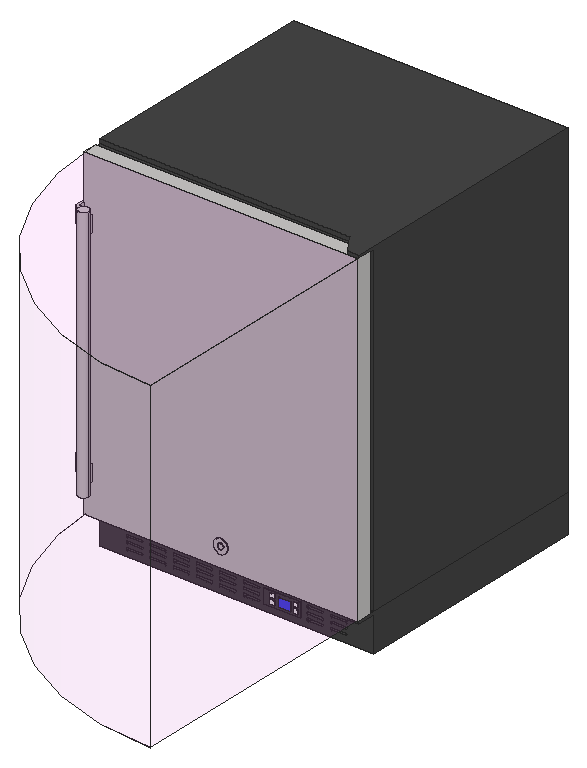
Revit family "QF_Summit_ALFZ53_Frost_Free_Built_In_Undercounter", category Specialty Equipment, Revit 2020
Family settings
  Round Connector Dimension = Use Diameter
  Part Type = Normal
  Work Plane-Based = No
  Always vertical = Yes
  Cut with Voids When Loaded = No
  Shared = No
  Room Calculation Point = No
Parameters
  Weight in Pounds = 82
  Watts = Volts * FL Amps  # 172.5 W
  Volts = 115 V
  URL Cutsheet = ""
  Specification by User = ""
  Specification by Manufacturer = ""
  Show Clearance [instance] = yes
  Serial Number = ""
  Seismic Rating = ""
  SMACNA No = ""
  Revision Code = ""
  Refrigerant Volume = 0.00 kip
  Refrigerant Type = "R600a"
  Phase = 1
  Number of Poles = 1
  NAFEM Spec ID Number = ""
  Model = "ALFZ53"
  Min Ckt Ampacity = 0 A
  Max Overcurrent Protection = 0 A
  Masterspec = ""
  Manufacturer = "Summit"
  Length = 23.63"
  Item Number = ""
  Installed By = ""
  Identify Quantity as Lot = yes
  Height = 32"
  HP = ""
  Furnished By = ""
  Foodservice Equipment Identifier = yes
  FL Amps = 1.5 A
  Electrical Remarks = ""
  Electric Connection Type = ""
  Elec Conn RI Height = 0"
  Elec Conn Connection Height = 0"
  Description = "Frosst Free Built In Undercounter"
  Depth = 22.63"
  Default Elevation = 0"
  Cycle = 60 Hz
  Conn Plug = ""
  Conn Conduit = yes
  CSI MasterFormat = ""
  BTUH = 0.0 Btu/h
  Apparent Power = if(Phase = 3, Volts * FL Amps * 1.73, Volts * FL Amps)  # 172.5 VA
Reference planes (in)
  plane 1 "BACK": y = 0
  plane 2: z = 0
  plane 3 "LEFT": x = 0
  plane 4 "RIGHT": x = 23.63
  plane 5 "FRONT": y = -22.63
  plane 6 "TOP": z = 32
  plane 7 "Center Y": x = 11.815
  plane 8 "Center X": y = -11.315
Dimensions and locks (in)
  equal spacing: plane 3 "LEFT", plane 7 "Center Y", plane 4 "RIGHT"
  "Length": plane 3 "LEFT" to plane 4 "RIGHT"
  equal spacing: plane 5 "FRONT", plane 8 "Center X", plane 1 "BACK"
  "Depth": plane 5 "FRONT" to plane 1 "BACK"
  "Height": plane 6 "TOP" to level
  aligned and locked: level to plane 2
Nested families (in)
  nested 1: "ALFZ53" at (0, 0, 0), Show Clearance <- "Show Clearance", type "ALFZ53"
    with Show Clearance yes
Connectors (in)
  electrical at (20.68211, 0.03125, 2.3043), driven by "Volts", driven by "Watts"
    settings: on nested 1, index 1, voltage 115 V, apparent load 172.5 VA, apparent load phase1 0 VA, apparent load phase2 0 VA, apparent load phase3 0 VA, power factor 1, load classification "Other", number of poles 1, system type 30, power factor state 1, is connector primary yes, connector utility no, sub classification motor no, connector description "ELECTRICAL CONNECTION"
Definition of nested family "ALFZ53"
  Parameters (values of type "ALFZ53")
    Weight in Pounds = 0
    URL Cutsheet = ""
    Specification by User = ""
    Specification by Manufacturer = ""
    Show Clearance [instance] = yes
    Serial Number = ""
    Seismic Rating = ""
    SMACNA No = ""
    Revision Code = ""
    NAFEM Spec ID Number = ""
    Masterspec = ""
    Length = 23.63"
    Item Number = ""
    Installed By = ""
    Identify Quantity as Lot = yes
    Height = 32"
    Furnished By = ""
    Foodservice Equipment Identifier = yes
    Depth = 22.63"
    Default Elevation = 0"
    CSI MasterFormat = ""
  Reference planes (in)
    plane 1 "BACK": y = 0
    plane 2: z = 0
    plane 3 "LEFT": x = 0
    plane 4 "RIGHT": x = 23.63
    plane 5 "FRONT": y = -22.63
    plane 6 "TOP": z = 32
    plane 7 "Center Y": x = 11.815
    plane 8 "Center X": y = -11.315
    plane 9: y = -24.63
    plane 10: y = -20.875
    plane 11: z = 0.5
    plane 12: z = 3.75
    plane 13: z = 31.75
    plane 14: y = -45
  Forms (in)
    Extrusion 1, solid
      sketch origin (-6.39241, -180, 0.5) x (-1, 0, 0) y (0, -1, 0)
        loop
          line (-6.39241, -180) -> (-6.39241, -159.125) -> (-30.02241, -159.125) -> (-30.02241, -180) -> (-6.39241, -180)
      from 0 to 3.25
    Extrusion 2, solid
      sketch origin (-6.39241, -180, 3.75) x (-1, 0, 0) y (0, -1, 0)
        loop
          line (-6.39241, -180) -> (-6.39241, -159.125) -> (-30.02241, -159.125) -> (-30.02241, -180) -> (-6.39241, -180)
      from 0 to 28.25
    Extrusion 3, solid
      sketch origin (-6.39241, -180, 3.75) x (0, -1, 0) y (-1, 0, 0)
        loop
          line (-158.69619, -6.39241) -> (-158.69619, -30.02241) -> (-157.37, -30.02241) -> (-157.37, -6.39241) -> (-158.69619, -6.39241)
      from 0 to -28
    Extrusion 4, solid
      sketch origin (-6.39241, -180, 3.85547) x (-1, 0, 0) y (0, -1, 0)
        loop
          line (-6.46364, -159.125) -> (-6.46364, -158.69619) -> (-29.9521, -158.69619) -> (-29.9521, -159.125) -> (-6.46364, -159.125)
      from 0 to 27.78773
    Extrusion 5, solid
      sketch origin (-1.23489, -180, 8.62146) x (-1, 0, 0) y (0, -1, 0)
        loop
          line (-1.23489, -157.87) -> (-1.01614, -157.87) -> (-1.01614, -156.7955) -> (-2.00883, -156.10042) -> (-2.73787, -156.10042) -> (-2.73787, -156.33875) -> (-2.10556, -156.33875) -> (-1.23489, -156.9484) -> (-1.23489, -157.87)
      from 0 to -1.39105
    Extrusion 6, solid
      sketch origin (-5.91298, -180, 6.375) x (-1, 0, 0) y (0, -1, 0)
        loop
          circle (-7.11394, -155.82115) r 0.45115
      from 0 to 22
    Extrusion 7, solid
      sketch origin (-1.23489, -180, 27.87146) x (-1, 0, 0) y (0, -1, 0)
        loop
          line (-1.23489, -157.87) -> (-1.01614, -157.87) -> (-1.01614, -156.7955) -> (-2.00883, -156.10042) -> (-2.73787, -156.10042) -> (-2.73787, -156.33875) -> (-2.10556, -156.33875) -> (-1.23489, -156.9484) -> (-1.23489, -157.87)
      from 0 to -1.39105
    Extrusion 8, void
      sketch origin (24.07717, -20.875, 0.5) x (1, 0, 0) y (0, 0, -1)
        loop
          line (-21.64488, -2.74994) -> (-20.43916, -2.74994)
          arc (-20.43916, -2.74994) -> (-20.31416, -2.62494) -> (-20.43916, -2.49994) r 0.125
          line (-20.43916, -2.49994) -> (-21.64488, -2.49994)
          arc (-21.64488, -2.49994) -> (-21.76988, -2.62494) -> (-21.64488, -2.74994) r 0.125
        loop
          line (-21.64488, -2.24994) -> (-20.43916, -2.24994)
          arc (-20.43916, -2.24994) -> (-20.31416, -2.12494) -> (-20.43916, -1.99994) r 0.125
          line (-20.43916, -1.99994) -> (-21.64488, -1.99994)
          arc (-21.64488, -1.99994) -> (-21.76988, -2.12494) -> (-21.64488, -2.24994) r 0.125
        loop
          line (-21.64488, -1.74994) -> (-20.43916, -1.74994)
          arc (-20.43916, -1.74994) -> (-20.31416, -1.62494) -> (-20.43916, -1.49994) r 0.125
          line (-20.43916, -1.49994) -> (-21.64488, -1.49994)
          arc (-21.64488, -1.49994) -> (-21.76988, -1.62494) -> (-21.64488, -1.74994) r 0.125
        loop
          line (-21.64488, -1.24994) -> (-20.43916, -1.24994)
          arc (-20.43916, -1.24994) -> (-20.31416, -1.12494) -> (-20.43916, -0.99994) r 0.125
          line (-20.43916, -0.99994) -> (-21.64488, -0.99994)
          arc (-21.64488, -0.99994) -> (-21.76988, -1.12494) -> (-21.64488, -1.24994) r 0.125
        loop
          line (-21.64488, -0.74994) -> (-20.43916, -0.74994)
          arc (-20.43916, -0.74994) -> (-20.31416, -0.62494) -> (-20.43916, -0.49994) r 0.125
          line (-20.43916, -0.49994) -> (-21.64488, -0.49994)
          arc (-21.64488, -0.49994) -> (-21.76988, -0.62494) -> (-21.64488, -0.74994) r 0.125
        loop
          line (-19.64488, -2.74994) -> (-18.43916, -2.74994)
          arc (-18.43916, -2.74994) -> (-18.31416, -2.62494) -> (-18.43916, -2.49994) r 0.125
          line (-18.43916, -2.49994) -> (-19.64488, -2.49994)
          arc (-19.64488, -2.49994) -> (-19.76988, -2.62494) -> (-19.64488, -2.74994) r 0.125
        loop
          line (-19.64488, -2.24994) -> (-18.43916, -2.24994)
          arc (-18.43916, -2.24994) -> (-18.31416, -2.12494) -> (-18.43916, -1.99994) r 0.125
          line (-18.43916, -1.99994) -> (-19.64488, -1.99994)
          arc (-19.64488, -1.99994) -> (-19.76988, -2.12494) -> (-19.64488, -2.24994) r 0.125
        loop
          line (-19.64488, -1.74994) -> (-18.43916, -1.74994)
          arc (-18.43916, -1.74994) -> (-18.31416, -1.62494) -> (-18.43916, -1.49994) r 0.125
          line (-18.43916, -1.49994) -> (-19.64488, -1.49994)
          arc (-19.64488, -1.49994) -> (-19.76988, -1.62494) -> (-19.64488, -1.74994) r 0.125
        loop
          line (-19.64488, -1.24994) -> (-18.43916, -1.24994)
          arc (-18.43916, -1.24994) -> (-18.31416, -1.12494) -> (-18.43916, -0.99994) r 0.125
          line (-18.43916, -0.99994) -> (-19.64488, -0.99994)
          arc (-19.64488, -0.99994) -> (-19.76988, -1.12494) -> (-19.64488, -1.24994) r 0.125
        loop
          line (-19.64488, -0.74994) -> (-18.43916, -0.74994)
          arc (-18.43916, -0.74994) -> (-18.31416, -0.62494) -> (-18.43916, -0.49994) r 0.125
          line (-18.43916, -0.49994) -> (-19.64488, -0.49994)
          arc (-19.64488, -0.49994) -> (-19.76988, -0.62494) -> (-19.64488, -0.74994) r 0.125
        loop
          line (-17.64488, -2.74994) -> (-16.43916, -2.74994)
          arc (-16.43916, -2.74994) -> (-16.31416, -2.62494) -> (-16.43916, -2.49994) r 0.125
          line (-16.43916, -2.49994) -> (-17.64488, -2.49994)
          arc (-17.64488, -2.49994) -> (-17.76988, -2.62494) -> (-17.64488, -2.74994) r 0.125
        loop
          line (-17.64488, -2.24994) -> (-16.43916, -2.24994)
          arc (-16.43916, -2.24994) -> (-16.31416, -2.12494) -> (-16.43916, -1.99994) r 0.125
          line (-16.43916, -1.99994) -> (-17.64488, -1.99994)
          arc (-17.64488, -1.99994) -> (-17.76988, -2.12494) -> (-17.64488, -2.24994) r 0.125
        loop
          line (-17.64488, -1.74994) -> (-16.43916, -1.74994)
          arc (-16.43916, -1.74994) -> (-16.31416, -1.62494) -> (-16.43916, -1.49994) r 0.125
          line (-16.43916, -1.49994) -> (-17.64488, -1.49994)
          arc (-17.64488, -1.49994) -> (-17.76988, -1.62494) -> (-17.64488, -1.74994) r 0.125
        loop
          line (-17.64488, -1.24994) -> (-16.43916, -1.24994)
          arc (-16.43916, -1.24994) -> (-16.31416, -1.12494) -> (-16.43916, -0.99994) r 0.125
          line (-16.43916, -0.99994) -> (-17.64488, -0.99994)
          arc (-17.64488, -0.99994) -> (-17.76988, -1.12494) -> (-17.64488, -1.24994) r 0.125
        loop
          line (-17.64488, -0.74994) -> (-16.43916, -0.74994)
          arc (-16.43916, -0.74994) -> (-16.31416, -0.62494) -> (-16.43916, -0.49994) r 0.125
          line (-16.43916, -0.49994) -> (-17.64488, -0.49994)
          arc (-17.64488, -0.49994) -> (-17.76988, -0.62494) -> (-17.64488, -0.74994) r 0.125
        loop
          line (-15.64488, -2.74994) -> (-14.43916, -2.74994)
          arc (-14.43916, -2.74994) -> (-14.31416, -2.62494) -> (-14.43916, -2.49994) r 0.125
          line (-14.43916, -2.49994) -> (-15.64488, -2.49994)
          arc (-15.64488, -2.49994) -> (-15.76988, -2.62494) -> (-15.64488, -2.74994) r 0.125
        loop
          line (-15.64488, -2.24994) -> (-14.43916, -2.24994)
          arc (-14.43916, -2.24994) -> (-14.31416, -2.12494) -> (-14.43916, -1.99994) r 0.125
          line (-14.43916, -1.99994) -> (-15.64488, -1.99994)
          arc (-15.64488, -1.99994) -> (-15.76988, -2.12494) -> (-15.64488, -2.24994) r 0.125
        loop
          line (-15.64488, -1.74994) -> (-14.43916, -1.74994)
          arc (-14.43916, -1.74994) -> (-14.31416, -1.62494) -> (-14.43916, -1.49994) r 0.125
          line (-14.43916, -1.49994) -> (-15.64488, -1.49994)
          arc (-15.64488, -1.49994) -> (-15.76988, -1.62494) -> (-15.64488, -1.74994) r 0.125
        loop
          line (-15.64488, -1.24994) -> (-14.43916, -1.24994)
          arc (-14.43916, -1.24994) -> (-14.31416, -1.12494) -> (-14.43916, -0.99994) r 0.125
          line (-14.43916, -0.99994) -> (-15.64488, -0.99994)
          arc (-15.64488, -0.99994) -> (-15.76988, -1.12494) -> (-15.64488, -1.24994) r 0.125
        loop
          line (-15.64488, -0.74994) -> (-14.43916, -0.74994)
          arc (-14.43916, -0.74994) -> (-14.31416, -0.62494) -> (-14.43916, -0.49994) r 0.125
          line (-14.43916, -0.49994) -> (-15.64488, -0.49994)
          arc (-15.64488, -0.49994) -> (-15.76988, -0.62494) -> (-15.64488, -0.74994) r 0.125
        loop
          line (-13.64488, -2.74994) -> (-12.43916, -2.74994)
          arc (-12.43916, -2.74994) -> (-12.31416, -2.62494) -> (-12.43916, -2.49994) r 0.125
          line (-12.43916, -2.49994) -> (-13.64488, -2.49994)
          arc (-13.64488, -2.49994) -> (-13.76988, -2.62494) -> (-13.64488, -2.74994) r 0.125
        loop
          line (-13.64488, -2.24994) -> (-12.43916, -2.24994)
          arc (-12.43916, -2.24994) -> (-12.31416, -2.12494) -> (-12.43916, -1.99994) r 0.125
          line (-12.43916, -1.99994) -> (-13.64488, -1.99994)
          arc (-13.64488, -1.99994) -> (-13.76988, -2.12494) -> (-13.64488, -2.24994) r 0.125
        loop
          line (-13.64488, -1.74994) -> (-12.43916, -1.74994)
          arc (-12.43916, -1.74994) -> (-12.31416, -1.62494) -> (-12.43916, -1.49994) r 0.125
          line (-12.43916, -1.49994) -> (-13.64488, -1.49994)
          arc (-13.64488, -1.49994) -> (-13.76988, -1.62494) -> (-13.64488, -1.74994) r 0.125
        loop
          line (-13.64488, -1.24994) -> (-12.43916, -1.24994)
          arc (-12.43916, -1.24994) -> (-12.31416, -1.12494) -> (-12.43916, -0.99994) r 0.125
          line (-12.43916, -0.99994) -> (-13.64488, -0.99994)
          arc (-13.64488, -0.99994) -> (-13.76988, -1.12494) -> (-13.64488, -1.24994) r 0.125
        loop
          line (-13.64488, -0.74994) -> (-12.43916, -0.74994)
          arc (-12.43916, -0.74994) -> (-12.31416, -0.62494) -> (-12.43916, -0.49994) r 0.125
          line (-12.43916, -0.49994) -> (-13.64488, -0.49994)
          arc (-13.64488, -0.49994) -> (-13.76988, -0.62494) -> (-13.64488, -0.74994) r 0.125
        loop
          line (-11.58238, -2.74994) -> (-10.37666, -2.74994)
          arc (-10.37666, -2.74994) -> (-10.25166, -2.62494) -> (-10.37666, -2.49994) r 0.125
          line (-10.37666, -2.49994) -> (-11.58238, -2.49994)
          arc (-11.58238, -2.49994) -> (-11.70738, -2.62494) -> (-11.58238, -2.74994) r 0.125
        loop
          line (-11.58238, -2.24994) -> (-10.37666, -2.24994)
          arc (-10.37666, -2.24994) -> (-10.25166, -2.12494) -> (-10.37666, -1.99994) r 0.125
          line (-10.37666, -1.99994) -> (-11.58238, -1.99994)
          arc (-11.58238, -1.99994) -> (-11.70738, -2.12494) -> (-11.58238, -2.24994) r 0.125
        loop
          line (-11.58238, -1.74994) -> (-10.37666, -1.74994)
          arc (-10.37666, -1.74994) -> (-10.25166, -1.62494) -> (-10.37666, -1.49994) r 0.125
          line (-10.37666, -1.49994) -> (-11.58238, -1.49994)
          arc (-11.58238, -1.49994) -> (-11.70738, -1.62494) -> (-11.58238, -1.74994) r 0.125
        loop
          line (-11.58238, -1.24994) -> (-10.37666, -1.24994)
          arc (-10.37666, -1.24994) -> (-10.25166, -1.12494) -> (-10.37666, -0.99994) r 0.125
          line (-10.37666, -0.99994) -> (-11.58238, -0.99994)
          arc (-11.58238, -0.99994) -> (-11.70738, -1.12494) -> (-11.58238, -1.24994) r 0.125
        loop
          line (-11.58238, -0.74994) -> (-10.37666, -0.74994)
          arc (-10.37666, -0.74994) -> (-10.25166, -0.62494) -> (-10.37666, -0.49994) r 0.125
          line (-10.37666, -0.49994) -> (-11.58238, -0.49994)
          arc (-11.58238, -0.49994) -> (-11.70738, -0.62494) -> (-11.58238, -0.74994) r 0.125
        loop
          line (-6.08238, -2.74994) -> (-4.87666, -2.74994)
          arc (-4.87666, -2.74994) -> (-4.75166, -2.62494) -> (-4.87666, -2.49994) r 0.125
          line (-4.87666, -2.49994) -> (-6.08238, -2.49994)
          arc (-6.08238, -2.49994) -> (-6.20738, -2.62494) -> (-6.08238, -2.74994) r 0.125
        loop
          line (-6.08238, -2.24994) -> (-4.87666, -2.24994)
          arc (-4.87666, -2.24994) -> (-4.75166, -2.12494) -> (-4.87666, -1.99994) r 0.125
          line (-4.87666, -1.99994) -> (-6.08238, -1.99994)
          arc (-6.08238, -1.99994) -> (-6.20738, -2.12494) -> (-6.08238, -2.24994) r 0.125
        loop
          line (-6.08238, -1.74994) -> (-4.87666, -1.74994)
          arc (-4.87666, -1.74994) -> (-4.75166, -1.62494) -> (-4.87666, -1.49994) r 0.125
          line (-4.87666, -1.49994) -> (-6.08238, -1.49994)
          arc (-6.08238, -1.49994) -> (-6.20738, -1.62494) -> (-6.08238, -1.74994) r 0.125
        loop
          line (-6.08238, -1.24994) -> (-4.87666, -1.24994)
          arc (-4.87666, -1.24994) -> (-4.75166, -1.12494) -> (-4.87666, -0.99994) r 0.125
          line (-4.87666, -0.99994) -> (-6.08238, -0.99994)
          arc (-6.08238, -0.99994) -> (-6.20738, -1.12494) -> (-6.08238, -1.24994) r 0.125
        loop
          line (-6.08238, -0.74994) -> (-4.87666, -0.74994)
          arc (-4.87666, -0.74994) -> (-4.75166, -0.62494) -> (-4.87666, -0.49994) r 0.125
          line (-4.87666, -0.49994) -> (-6.08238, -0.49994)
          arc (-6.08238, -0.49994) -> (-6.20738, -0.62494) -> (-6.08238, -0.74994) r 0.125
        loop
          line (-4.01988, -2.74994) -> (-2.81416, -2.74994)
          arc (-2.81416, -2.74994) -> (-2.68916, -2.62494) -> (-2.81416, -2.49994) r 0.125
          line (-2.81416, -2.49994) -> (-4.01988, -2.49994)
          arc (-4.01988, -2.49994) -> (-4.14488, -2.62494) -> (-4.01988, -2.74994) r 0.125
        loop
          line (-4.01988, -2.24994) -> (-2.81416, -2.24994)
          arc (-2.81416, -2.24994) -> (-2.68916, -2.12494) -> (-2.81416, -1.99994) r 0.125
          line (-2.81416, -1.99994) -> (-4.01988, -1.99994)
          arc (-4.01988, -1.99994) -> (-4.14488, -2.12494) -> (-4.01988, -2.24994) r 0.125
        loop
          line (-4.01988, -1.74994) -> (-2.81416, -1.74994)
          arc (-2.81416, -1.74994) -> (-2.68916, -1.62494) -> (-2.81416, -1.49994) r 0.125
          line (-2.81416, -1.49994) -> (-4.01988, -1.49994)
          arc (-4.01988, -1.49994) -> (-4.14488, -1.62494) -> (-4.01988, -1.74994) r 0.125
        loop
          line (-4.01988, -1.24994) -> (-2.81416, -1.24994)
          arc (-2.81416, -1.24994) -> (-2.68916, -1.12494) -> (-2.81416, -0.99994) r 0.125
          line (-2.81416, -0.99994) -> (-4.01988, -0.99994)
          arc (-4.01988, -0.99994) -> (-4.14488, -1.12494) -> (-4.01988, -1.24994) r 0.125
        loop
          line (-4.01988, -0.74994) -> (-2.81416, -0.74994)
          arc (-2.81416, -0.74994) -> (-2.68916, -0.62494) -> (-2.81416, -0.49994) r 0.125
          line (-2.81416, -0.49994) -> (-4.01988, -0.49994)
          arc (-4.01988, -0.49994) -> (-4.14488, -0.62494) -> (-4.01988, -0.74994) r 0.125
      from 0 to 0.71528
    Extrusion 9, solid
      sketch origin (24.07717, -20.875, 0.5) x (-1, 0, 0) y (0, 0, -1)
        loop
          line (9.89732, -1.80253) -> (9.89732, -0.55253) -> (6.74691, -0.55253) -> (6.74691, -1.80253) -> (9.89732, -1.80253)
      from 0 to 0.03125
    Extrusion 10, solid
      sketch origin (24.07717, -20.90625, 0.5) x (-1, 0, 0) y (0, 0, -1)
        loop
          line (8.60815, -1.49007) -> (8.60815, -0.74007) -> (7.60815, -0.74007) -> (7.60815, -1.49007) -> (8.60815, -1.49007)
      from 0 to 0.03125
    Extrusion 11, solid
      sketch origin (24.07717, -20.90625, 0.5) x (-1, 0, 0) y (0, 0, -1)
        loop
          line (9.35707, -1.60717) -> (9.35707, -1.24792) -> (8.95959, -1.24792) -> (8.95959, -1.60717) -> (9.35707, -1.60717)
        loop
          line (9.35707, -1.10717) -> (9.35707, -0.74792) -> (8.95959, -0.74792) -> (8.95959, -1.10717) -> (9.35707, -1.10717)
        loop
          line (7.35707, -1.60717) -> (7.35707, -1.24792) -> (6.95959, -1.24792) -> (6.95959, -1.60717) -> (7.35707, -1.60717)
        loop
          line (7.35707, -1.10717) -> (7.35707, -0.74792) -> (6.95959, -0.74792) -> (6.95959, -1.10717) -> (7.35707, -1.10717)
      from 0 to 0.03125
    Extrusion 12, solid
      sketch origin (24.68089, -22.63, 3.75) x (-1, 0, 0) y (0, 0, -1)
        loop
          circle (12.86589, -1.66885) r 0.59991
        loop
          circle (12.86589, -1.66885) r 0.25
      from 0 to 0.03125
    Extrusion 13, solid
      sketch origin (24.68089, -22.63, 3.75) x (-1, 0, 0) y (0, 0, -1)
        loop
          circle (12.86589, -1.66885) r 0.2454
      from 0 to 0.03125
    Extrusion 14, solid
      sketch origin (0, 0, 0.5) x (1, 0, 0) y (0, 0, -1)
        loop
          circle (20.68211, -1.8043) r 0.25
      from 0 to 0.03125
    Extrusion 15, solid
      sketch origin (-38.39759, -180, 32) x (-1, 0, 0) y (0, -1, 0)
        loop
          line (-59.93437, -159.125) -> (-61.08152, -157.4867) -> (-62.02759, -157.4867) -> (-62.02759, -159.125) -> (-59.93437, -159.125)
      from 0 to -0.25
    Extrusion 16, solid
      sketch origin (-38.39759, -180, 3.49867) x (0, 1, 0) y (1, 0, 0)
        loop
          line (159.125, 59.93437) -> (159.125, 62.02759) -> (157.4867, 62.02759) -> (157.4867, 61.08152) -> (159.125, 59.93437)
      from 0 to -0.25
    Extrusion 17, solid, visible <- "Show Clearance"
      sketch origin (-6.39241, -180, 3.75) x (1, 0, 0) y (0, -1, 0)
        loop
          line (30.02241, -158.69619) -> (30.02241, -135)
          arc (30.02241, -135) -> (13.29003, -141.94445) -> (6.39241, -158.69619) r 23.63
          line (6.39241, -158.69619) -> (30.02241, -158.69619)
      from 0 to -28
    Revolve 18, solid
      sketch origin (0, -16.875, 0) x (1, 0, 0) y (0, 0, 1)
        loop
          line (1.5, 0.5) -> (1.5, 0) -> (2.11815, 0) -> (2.11815, 0.5) -> (1.5, 0.5)
        axis (1.5, 0.5) -> (1.5, 0)
      angle from 0 to 360
    Revolve 19, solid
      sketch origin (23.63, -16.875, 0) x (-1, 0, 0) y (0, 0, 1)
        loop
          line (1.5, 0.5) -> (1.5, 0) -> (2.11815, 0) -> (2.11815, 0.5) -> (1.5, 0.5)
        axis (1.5, 0.5) -> (1.5, 0)
      angle from 0 to 360
    Revolve 20, solid
      sketch origin (0, -4, 0) x (1, 0, 0) y (0, 0, -1)
        loop
          line (1.5, -0.5) -> (2.11815, -0.5) -> (2.11815, 0) -> (1.5, 0) -> (1.5, -0.5)
        axis (1.5, -0.5) -> (1.5, 0)
      angle from 0 to 360
    Revolve 21, solid
      sketch origin (23.63, -4, 0) x (-1, 0, 0) y (0, 0, 1)
        loop
          line (1.5, 0.5) -> (1.5, 0) -> (2.11815, 0) -> (2.11815, 0.5) -> (1.5, 0.5)
        axis (1.5, 0.5) -> (1.5, 0)
      angle from 0 to 360
  Cuts and joins
    joined: Extrusion 5, Extrusion 6, Extrusion 7
    Extrusion 8 cuts Extrusion 1
    joined: Extrusion 1, Extrusion 16
    joined: Extrusion 2, Extrusion 15
  Lines and regions (in)
    symbolic lines
      curve 1: line (0.07123, -20.875, 0) -> (0.07123, -21.30381, 0)
      curve 2: line (21.83703, -21.30381, 0) -> (0, -21.30381, 0)
      curve 3: line (0, -21.30381, 0) -> (0, -23.0516, 0)
      curve 4: line (0, -22.63, 0) -> (23.63, -22.63, 0)
      curve 5: line (23.63, -22.5133, 0) -> (23.63, 0, 0)
      curve 6: line (21.53678, -20.875, 0) -> (22.68393, -22.5133, 0)
      curve 7: line (22.68393, -22.5133, 0) -> (23.63, -22.5133, 0)
      curve 8: line (23.63, 0, 0) -> (0, 0, 0)
      curve 9: line (0, 0, 0) -> (0, -20.875, 0)
      curve 10: line (0, -20.875, 0) -> (21.53678, -20.875, 0)
      curve 11: line (-0.21875, -22.13, 0) -> (0, -22.13, 0)
      curve 12: line (0.87067, -23.66125, 0) -> (0, -23.0516, 0)
      curve 13: line (1.50298, -23.66125, 0) -> (0.87067, -23.66125, 0)
      curve 14: line (1.50298, -23.84371, 0) -> (1.50298, -23.66125, 0)
      curve 15: arc (1.65211, -24.17885, 0) -> (1.20096, -23.7277, 0) -> (0.74981, -24.17885, 0) r 0.45115
      curve 16: line (-0.21875, -23.2045, 0) -> (0.77394, -23.89958, 0)
      curve 17: line (0.77394, -23.89958, 0) -> (0.84664, -23.89958, 0)
      curve 18: line (-0.21875, -22.13, 0) -> (-0.21875, -23.2045, 0)
      curve 19: arc (0.74981, -24.17885, 0) -> (1.20096, -24.63, 0) -> (1.65211, -24.17885, 0) r 0.45115
    symbolic lines, visible <- "Show Clearance"
      curve 20: arc (3.13715, -33.13536, 0) -> (0.78918, -27.42624, 0) -> (0, -21.30381, 0) r 23.63
      curve 21: line (23.63, -21.30381, 0) -> (3.13715, -33.13536, 0)
  Dimensions and locks (in)
    equal spacing: plane 3 "LEFT", plane 7 "Center Y", plane 4 "RIGHT"
    "Length": plane 3 "LEFT" to plane 4 "RIGHT"
    equal spacing: plane 5 "FRONT", plane 8 "Center X", plane 1 "BACK"
    "Depth": plane 5 "FRONT" to plane 1 "BACK"
    "Height": plane 6 "TOP" to level
    plane 1 "BACK" to plane 9 = 24.63"
    plane 1 "BACK" to plane 10 = 20 7/8"
    plane 11 to level = 1/2"
    plane 12 to plane 11 = 3 1/4"
    plane 13 to plane 12 = 28"
    plane 1 "BACK" to plane 14 = 45"
    aligned and locked: level to plane 2
  Automatic sketch dimensions
    curve 15 to curve 19 = 0"  (x2)
    curve 3 to plane 3 "LEFT" = 0"
    plane 1 "BACK" to curve 8 = 0"
    curve 8 to plane 3 "LEFT" = 0"
    curve 1 to plane 10 = 0"
    curve 7 to plane 4 "RIGHT" = 0"
    curve 4 to plane 4 "RIGHT" = 0"
    plane 5 "FRONT" to curve 4 = 0"
    curve 16 to plane 3 "LEFT" = 7/32"
    plane 3 "LEFT" to curve 16 = 0.77394"
    curve 16 to curve 12 = 0.09673"
    curve 16 to curve 19 = 0.42702"
    curve 15 to curve 14 = 0.30202"
    plane 3 "LEFT" to curve 21 = 3.13715"
    plane 4 "RIGHT" to curve 10 = 2.09322"
    curve 7 to plane 5 "FRONT" = 0.1167"
    plane 4 "RIGHT" to curve 7 = 0.94607"
    plane 4 "RIGHT" to curve 20 = 0.00009"
    plane 5 "FRONT" to curve 3 = 0.4216"
    curve 16 to curve 3 = 0.1529"
    plane 9 to curve 12 = 31/32"
    curve 16 to curve 12 = 0.23833"
    plane 9 to curve 15 = 0.45115"
    curve 21 to plane 9 = 8.50536"
    curve 11 to plane 5 "FRONT" = 1/2"
    curve 5 to curve 20 = 1.1433"
    curve 20 to curve 1 = 0.07123"
    curve 19 to curve 16 = 0.02413"
    curve 20 to curve 21 = 0.06619"
    plane 1 "BACK" to Extrusion 1 sketch curve = 0"
    Extrusion 1 sketch curve to plane 4 "RIGHT" = 0"
    Extrusion 1 sketch curve to plane 3 "LEFT" = 0"
    Extrusion 1 sketch curve to plane 10 = 0"
    Extrusion 2 sketch curve to Extrusion 1 = 0"  (x4)
    Extrusion 3 sketch curve to Extrusion 2 = 0"  (x2)
    Extrusion 3 sketch curve to Extrusion 2 = 0.42881"
    Extrusion 3 sketch curve to Extrusion 3 sketch curve = 1.32619"
    Extrusion 4 sketch curve to plane 10 = 0"
    plane 4 "RIGHT" to Extrusion 4 sketch curve = 9/128"
    plane 3 "LEFT" to Extrusion 4 sketch curve = 0.07123"
    Extrusion 4 sketch curve to plane 10 = 0.42881"
    Extrusion 5 sketch curve to plane 3 "LEFT" = 0"
    plane 3 "LEFT" to Extrusion 5 sketch curve = 0.77394"
    Extrusion 5 sketch curve to Extrusion 5 sketch curve = 0.09673"
    Extrusion 5 sketch curve to Extrusion 5 sketch curve = 0.63231"
    Extrusion 5 sketch curve to plane 3 "LEFT" = 7/32"
    Extrusion 5 sketch curve to plane 5 "FRONT" = 1/2"
    plane 5 "FRONT" to Extrusion 5 sketch curve = 0.4216"
    Extrusion 5 sketch curve to Extrusion 5 sketch curve = 0.1529"
    plane 9 to Extrusion 5 sketch curve = 31/32"
    Extrusion 5 sketch curve to Extrusion 5 sketch curve = 0.23833"
    plane 9 to Extrusion 6 sketch curve = 0.45115"
    plane 3 "LEFT" to Extrusion 6 sketch curve = 1.20096"
    Extrusion 7 sketch curve to plane 3 "LEFT" = 0"
    plane 3 "LEFT" to Extrusion 7 sketch curve = 0.77394"
    Extrusion 7 sketch curve to Extrusion 7 sketch curve = 0.09673"
    Extrusion 7 sketch curve to Extrusion 7 sketch curve = 0.63231"
    Extrusion 7 sketch curve to plane 3 "LEFT" = 7/32"
    Extrusion 7 sketch curve to plane 5 "FRONT" = 1/2"
    plane 5 "FRONT" to Extrusion 7 sketch curve = 0.4216"
    Extrusion 7 sketch curve to Extrusion 7 sketch curve = 0.1529"
    plane 9 to Extrusion 7 sketch curve = 31/32"
    Extrusion 7 sketch curve to Extrusion 7 sketch curve = 0.23833"
    Extrusion 8 sketch curve to Extrusion 1 = 0.50006"  (x8)
    Extrusion 8 sketch curve to Extrusion 1 = 2.43229"
    Extrusion 8 sketch curve to Extrusion 1 = 0.62494"  (x2)
    Extrusion 8 sketch curve to Extrusion 8 sketch curve = 0"  (x58)
    Extrusion 8 sketch curve to Extrusion 8 sketch curve = 1.20572"  (x8)
    Extrusion 8 sketch curve to Extrusion 8 sketch curve = 0.79428"  (x8)
    Extrusion 8 sketch curve to Extrusion 8 sketch curve = 0.85678"  (x4)
    Extrusion 8 sketch curve to Extrusion 8 sketch curve = 4.29428"
    Extrusion 8 sketch curve to Extrusion 8 sketch curve = 1/8"  (x40)
    Extrusion 8 sketch curve to Extrusion 8 sketch curve = 1/4"  (x30)
    Extrusion 1 to Extrusion 9 sketch curve = 1.44747"
    Extrusion 9 sketch curve to Extrusion 1 = 6.29974"
    Extrusion 1 to Extrusion 9 sketch curve = 0.55253"
    Extrusion 9 sketch curve to Extrusion 9 sketch curve = 3.15042"
    Extrusion 10 sketch curve to Extrusion 9 = 0.31245"
    Extrusion 10 sketch curve to Extrusion 9 = 0.86124"
    Extrusion 10 sketch curve to Extrusion 9 = 0.18755"
    Extrusion 10 sketch curve to Extrusion 10 sketch curve = 1"
    Extrusion 11 sketch curve to Extrusion 9 = 0.21269"
    Extrusion 11 sketch curve to Extrusion 11 sketch curve = 0"  (x4)
    Extrusion 11 sketch curve to Extrusion 11 sketch curve = 0.39747"  (x2)
    Extrusion 11 sketch curve to Extrusion 9 = 0.19539"  (x2)
    Extrusion 11 sketch curve to Extrusion 9 = 0.93773"
    Extrusion 11 sketch curve to Extrusion 9 = 0.19535"  (x2)
    Extrusion 11 sketch curve to Extrusion 11 sketch curve = 0.35926"  (x2)
    Extrusion 11 sketch curve to Extrusion 11 sketch curve = 0.14074"  (x2)
    Extrusion 12 sketch curve to Extrusion 12 sketch curve = 0"  (x2)
    Extrusion 3 to Extrusion 12 sketch curve = 1.66885"
    Extrusion 12 sketch curve to Extrusion 3 = 11.815"
    Extrusion 3 to Extrusion 13 sketch curve = 1.66885"
    Extrusion 13 sketch curve to Extrusion 3 = 11.815"
    Extrusion 1 to Extrusion 14 sketch curve = 1.4457"
    Extrusion 14 sketch curve to Extrusion 1 = 2.94789"
    Extrusion 15 sketch curve to plane 4 "RIGHT" = 0"
    Extrusion 15 sketch curve to plane 10 = 0"
    Extrusion 15 sketch curve to plane 5 "FRONT" = 0.1167"
    plane 4 "RIGHT" to Extrusion 15 sketch curve = 0.94607"
    Extrusion 15 sketch curve to Extrusion 15 sketch curve = 1.14715"
    Extrusion 16 sketch curve to plane 4 "RIGHT" = 0"
    Extrusion 16 sketch curve to plane 10 = 0"
    Extrusion 16 sketch curve to plane 5 "FRONT" = 0.1167"
    plane 4 "RIGHT" to Extrusion 16 sketch curve = 0.94607"
    Extrusion 16 sketch curve to Extrusion 16 sketch curve = 1.14715"
    Extrusion 17 sketch curve to Extrusion 3 = 0"  (x3)
    Extrusion 3 to Extrusion 17 sketch curve = 0.00009"
    Extrusion 3 to Extrusion 17 sketch curve = 0.06619"
    Revolve 18 sketch curve to plane 11 = 0"  (x2)
    Revolve 18 sketch curve to level = 0"
    plane 3 "LEFT" to Revolve 18 sketch curve = 1 1/2"
    Revolve 18 sketch curve to Revolve 18 sketch curve = 0.61815"
    Revolve 18 sketch curve to Revolve 18 sketch curve = 0"
    Revolve 18 sketch curve to Revolve 18 sketch curve = 1/4"
    Revolve 19 sketch curve to plane 11 = 0"  (x2)
    Revolve 19 sketch curve to level = 0"
    Revolve 19 sketch curve to plane 4 "RIGHT" = 1 1/2"
    Revolve 19 sketch curve to Revolve 19 sketch curve = 0.61815"
    Revolve 19 sketch curve to Revolve 19 sketch curve = 0"
    Revolve 19 sketch curve to Revolve 19 sketch curve = 1/4"
    Revolve 20 sketch curve to plane 11 = 0"  (x2)
    Revolve 20 sketch curve to level = 0"
    plane 3 "LEFT" to Revolve 20 sketch curve = 1 1/2"
    Revolve 20 sketch curve to Revolve 20 sketch curve = 0.61815"
    Revolve 20 sketch curve to Revolve 20 sketch curve = 0"
    Revolve 20 sketch curve to Revolve 20 sketch curve = 1/4"
    Revolve 21 sketch curve to plane 11 = 0"  (x2)
    Revolve 21 sketch curve to level = 0"
    plane 4 "RIGHT" to Revolve 21 sketch curve = 1 1/2"
    Revolve 21 sketch curve to Revolve 21 sketch curve = 0.61815"
    Revolve 21 sketch curve to Revolve 21 sketch curve = 0"
    Revolve 21 sketch curve to Revolve 21 sketch curve = 1/4"
    radius of Extrusion 6 sketch curve = 0.45115"
    radius of Extrusion 12 sketch curve = 0.59991"
    radius of Extrusion 12 sketch curve = 1/4"
    radius of Extrusion 13 sketch curve = 0.2454"
    radius of Extrusion 14 sketch curve = 1/4"
